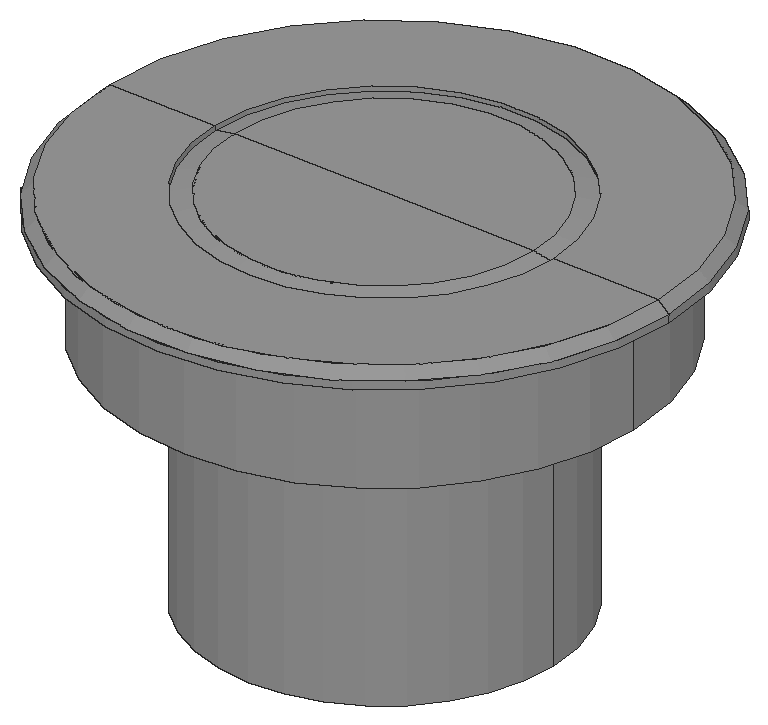
Revit family "4069948 Sylvania Lighting Fixture PATHE CEILING ROUND3 MEDIUM 253LM LED 4K", category Lighting Fixtures, host Face, Revit 2016
Family settings
  Host = Face
  Part Type = Normal
  Round Connector Dimension = Use Diameter
  OmniClass Number = 23.80.70.00
  OmniClass Title = Lighting
  Cut with Voids When Loaded = No
  Light Source = Yes
  Shared = No
  Room Calculation Point = No
Parameters (values of type "4069948 PATHE/C/R3 MED 253LM LED 4K")
  Weight = "1.0 kg"
  Wattage Comments = ""
  Wattage = 4.4 W
  WarrantyStartDate [instance] = "n/a"
  WarrantyGuarantorParts = "n/a"
  WarrantyDurationUnit = "n/a"
  WarrantyDurationParts = "n/a"
  WarrantyDescription = "n/a"
  built-in parameter 1150110 = 1 (stored number, unit not read)
  Voltage = 0 V
  URL = "http://www.sylvania-lighting.com"
  TypeName = "PATHE/CEILING/ROUND3 MEDIUM 253LM LED 4K"
  Type Image = <None>
  Type Comments = "n/a"
  built-in parameter 1114217 = 1 (stored number, unit not read)
  Tilt Angle = -90.00°
  built-in parameter 1150109 = 1 (stored number, unit not read)
  built-in parameter 1150134 = 12
  built-in parameter 1150113 = 1 (stored number, unit not read)
  SerialNumber [instance] = "n/a"
  Radius_SYL = 74 mm
  RadiusDiffuser_SYL = 44 mm
  Photometric Web File = "4069948.ies"
  Material_5_SYL = Steel AISI 1006 85 HR
  Material_3_SYL = Inside_Sylvania_Pathe_Black
  PowerFactor = 0
  PowerConsumption = "4.4 W"
  NominalLength = 148 mm
  NominalHeight = 110 mm
  NominalDepth = 0 mm
  Name = "PATHE/CEILING/ROUND3 MEDIUM 253LM LED 4K"
  ModelReference = Name  # "PATHE/CEILING/ROUND3 MEDIUM 253LM LED 4K"
  ModelNumber = "4069948"
  Model = Name  # "PATHE/CEILING/ROUND3 MEDIUM 253LM LED 4K"
  Material = "corrosion resistant die-cast aluminium body. aluminium fixing bracket. housing, tempered safety glass diffuser"
  ManufacturerName = "Feilo Sylvania"
  Manufacturer = "Feilo Sylvania"
  LuminousEfficacy = "57.5 lm/W"
  built-in parameter 1150105 = 20.133 (stored number, unit not read)
  Lumens = 253 lm
  LuminaireType = ""
  built-in parameter 1150115 = 1 (stored number, unit not read)
  LightOutputRatio = "100"
  built-in parameter 1150137 = (empty or 0)
  built-in parameter 1150139 = (empty or 0)
  LampsType = Lamp  # "LED"
  LampNominalLuminous = "253 lm"
  LampMacAdamStep = "n/a"
  LampColourTemperature = "4000 K"
  LampColourRenderingIndex = "80"
  built-in parameter 1150112 = 1 (stored number, unit not read)
  built-in parameter 1150114 = 1 (stored number, unit not read)
  Lamp = "LED"
  Keynote = "16500"
  InstallationDate [instance] = "n/a"
  InputVoltage = "n/a"
  InputNominalFrequency = "n/a"
  built-in parameter 1150132 = (empty or 0)
  built-in parameter 1150102 = (empty or 0)
  built-in parameter 1150107 = 4000 (stored number, unit not read)
  built-in parameter 1150138 = (empty or 0)
  IngressProtection = "IP66"
  ImpactProtectionIndex = "IK10"
  built-in parameter 1150106 = 0.20133 (stored number, unit not read)
  IfcExportType = "IfcLightFixtureType"
  IfcExportAs = "IfcLightFixtureType"
  HieghtTop_SYL = 3 mm
  ExpectedLife = 50000
  Emit from Circle Diameter = RadiusDiffuser_SYL * 2  # 88 mm
  Emit Shape Visible in Rendering = no
  ElectricShockClassification = "Class I"
  built-in parameter 1150104 = 5.3419 (stored number, unit not read)
  DurationUnit = "hours"
  DocumentationLiterature = "http://www.sylvania-lighting.com/product/en-int/products/4069948"
  DimmingControlOptions = "n/a"
  Material_2_SYL = LED-Sylvania
  Dimming Lamp Color Temperature Shift = <None>
  Description = "Round recessed ceiling mounted luminaireCorrosion resistant anodized aluminium, 253lm, 4,4W, 58lm/W, 4000K, CRI80+, medium, non dimmable, IP66, IK10, (ØxD) 135x92mm, 3 step MacAdam ellipse, 1.2kg, Class I, 220-240V, A++ A+ A"
  Default Elevation = 1219.2 mm
  CreatedOn = "9/21/2018"
  CreatedBy = "@sylvania-lighting.com"
  Cost = 0
  Color Filter = 16777215
  built-in parameter 1114216 [instance] = (empty or 0)
  ClassificationValue = "EF_70_80"
  ClassificationName = "Uniclass2015"
  Material_1_SYL = Aluminum 6061 T6 80 Hot Formed
  ChamferTop_SYL = 2.5 mm
  ChamferDiffuserTop_SYL = 5 mm
  ChamferDiffuserSide_SYL = 1 mm
  BarCode [instance] = "n/a"
  built-in parameter 1114218 = 1 (stored number, unit not read)
  built-in parameter 1150133 = 10 (stored number, unit not read)
  AssetType = "Fixed"
  AssetIdentifier [instance] = "n/a"
  Assembly Code = "D5020200"
  Apparent Load = 4.4 VA
  Material_4_SYL = Polycarbonate, Clear
Reference planes
  plane 1 "Center (Front/Back)": y = 0
  plane 2: z = 0
  plane 3 "Center (Left/Right)": x = 0
  plane 4: x = -74
  plane 5: x = -44
  plane 6: z = 3
  plane 7: x = -71.5
  plane 8: x = -39
  plane 9: z = 2
  plane 10: z = 0.5
  plane 11: x = -55.75
  plane 12: x = -25
  plane 13: z = -12
  plane 14: x = -27.5
  plane 15: z = -11
  plane 16: x = -24
  plane 17: z = -15
  plane 18: x = -69
  plane 19: z = -1.5
  plane 20: x = -67.5
  plane 21: z = -92
  plane 22: z = -29.5
  plane 23: x = -65
  plane 24: x = -45
Forms (mm)
  Revolve 1, solid, material "Aluminum 6061 T6 80 Hot Formed" <- "Material_1_SYL"
    sketch origin (0, 0, 0) x (1, 0, 0) y (0, 0, 1)
      loop
        line (-71.5, 3) -> (-74, 0.5) -> (-74, -1.5) -> (-65, -1.5) -> (-65, -29.5) -> (-44, -29.5) -> (-44, -92) -> (0, -92) -> (0, -12) -> (-25, -12) -> (-27.5, -15) -> (-55.75, -15) -> (-55.75, 0) -> (-44, 0) -> (-44, 3) -> (-71.5, 3)
      axis (0, 3) -> (0, -92)
    angle from 360 to 0
  Revolve 2, solid, material "Polycarbonate, Clear" <- "Material_4_SYL"
    sketch origin (0, 0, 0) x (1, 0, 0) y (0, 0, 1)
      loop
        line (-44, 2) -> (-44, 0) -> (0, 0) -> (0, 3) -> (-39, 3) -> (-44, 2)
      axis (0, 3) -> (0, 0)
    angle from 360 to 0
  Revolve 3, void
    sketch origin (0, 0, 0) x (1, 0, 0) y (0, 0, 1)
      loop
        line (0, -29.5) -> (0, 0) -> (-67.5, 0) -> (-67.5, -29.5) -> (0, -29.5)
      axis (0, 0) -> (0, -29.5)
    angle from 360 to 0
  Revolve 4, solid, material "LED-Sylvania" <- "Material_2_SYL"
    sketch origin (0, 0, 0) x (1, 0, 0) y (0, 0, 1)
      loop
        line (-25, -12) -> (0, -12) -> (0, -11) -> (-24, -11) -> (-25, -12)
      axis (0, -11) -> (0, -12)
    angle from 360 to 0
Cuts and joins
  Revolve 3 cuts Revolve 2
Lines and regions (mm)
  reference lines
    curve 1: line (0, 0, -12) -> (0, -11.75, -12)
Dimensions and locks
  "Radius_SYL": plane 3 "Center (Left/Right)" to plane 4
  "RadiusDiffuser_SYL": plane 3 "Center (Left/Right)" to plane 5
  "ChamferTop_SYL": plane 7 to plane 4
  "ChamferDiffuserSide_SYL": plane 6 to plane 9
  "ChamferDiffuserTop_SYL": plane 8 to plane 5
  "ChamferTop_SYL": plane 6 to plane 10
  "HieghtTop_SYL": plane 6 to plane 2
  locked: plane 11 to plane 4 at 18.25
  locked: plane 3 "Center (Left/Right)" to plane 12 at 25
  locked: plane 14 to plane 12 at 2.5
  locked: plane 12 to plane 16 at 1
  locked: plane 15 to plane 13 at 1
  locked: host face to plane 17 at 15
  locked: plane 13 to plane 17 at 3
  locked: plane 3 "Center (Left/Right)" to plane 18 at 69
  plane 2 to plane 19 = 1.5 mm
  locked: plane 3 "Center (Left/Right)" to plane 20 at 67.5
  locked: plane 2 to plane 21 at 92
  locked: plane 2 to plane 22 at 29.5
  locked: plane 3 "Center (Left/Right)" to plane 23 at 65
  locked: plane 3 "Center (Left/Right)" to plane 24 at 45
  aligned and locked: plane 2 to host face
  aligned and locked: level to host face
  aligned and locked: plane 6 to Revolve 1 sketch curve
  aligned and locked: Revolve 1 sketch curve to plane 3 "Center (Left/Right)"
  aligned and locked: level to Revolve 1 sketch curve
  aligned and locked: plane 5 to Revolve 1 sketch curve
  aligned and locked: plane 6 to Revolve 2 sketch curve
  aligned and locked: Revolve 2 sketch curve to plane 3 "Center (Left/Right)"  (x2)
  aligned and locked: Revolve 1 to Revolve 2 sketch curve
  aligned and locked: plane 8 to Revolve 2 sketch curve
  aligned and locked: plane 5 to Revolve 2 sketch curve
  aligned and locked: plane 9 to Revolve 2 sketch curve
  aligned and locked: imposter light to plane 6
  aligned and locked: imposter light to plane 1 "Center (Front/Back)"
  aligned and locked: plane 3 "Center (Left/Right)" to imposter light
  aligned and locked: plane 7 to Revolve 1 sketch curve
  aligned and locked: Revolve 3 sketch curve to plane 3 "Center (Left/Right)"  (x2)
  aligned and locked: Revolve 3 sketch curve to Revolve 1
  aligned and locked: Revolve 3 sketch curve to level
  aligned and locked: plane 11 to Revolve 1 sketch curve
  aligned and locked: Revolve 1 sketch curve to Revolve 1 sketch curve
  aligned and locked: plane 13 to Revolve 1 sketch curve
  aligned and locked: plane 14 to Revolve 1 sketch curve
  aligned and locked: plane 12 to Revolve 1 sketch curve
  aligned and locked: plane 3 "Center (Left/Right)" to curve 1
  aligned and locked: Revolve 1 to Revolve 4 sketch curve
  aligned and locked: plane 16 to Revolve 4 sketch curve
  aligned and locked: Revolve 4 sketch curve to Revolve 1
  aligned and locked: plane 15 to Revolve 4 sketch curve
  aligned and locked: Revolve 4 sketch curve to plane 3 "Center (Left/Right)"  (x2)
  aligned and locked: Revolve 1 sketch curve to plane 4
  aligned and locked: plane 19 to Revolve 1 sketch curve
  aligned and locked: plane 20 to Revolve 3 sketch curve
  aligned and locked: plane 22 to Revolve 1 sketch curve
  aligned and locked: Revolve 1 sketch curve to plane 5
  aligned and locked: plane 21 to Revolve 1 sketch curve
Automatic sketch dimensions
  host sketch curve to host sketch curve = 2438.4 mm  (x2)
  Revolve 2 sketch curve to Revolve 2 sketch curve = 2607.058 mm
  Revolve 4 sketch curve to plane 6 = 2606.858 mm
  plane 1 "Center (Front/Back)" to curve 1 = 0 mm
  curve 1 to curve 1 = 11.75 mm
  Revolve 3 sketch curve to plane 6 = 2607.058 mm
  plane 21 to Revolve 2 sketch curve = 517.6 mm
  plane 21 to Revolve 3 sketch curve = 517.6 mm
  plane 21 to Revolve 4 sketch curve = 517.6 mm
  Revolve 1 sketch curve to plane 23 = 0 mm
  Revolve 1 sketch curve to plane 17 = 0 mm
  Revolve 1 sketch curve to plane 10 = 0 mm
  plane 21 to Revolve 1 sketch curve = 517.6 mm
  Revolve 1 sketch curve to plane 6 = 2607.058 mm
Connectors
  electrical at (0, 0, 0), driven by "Apparent Load", driven by "PowerFactor", driven by "Voltage"
    settings: index 1, voltage 0 V, apparent load 4.4 VA, apparent load phase1 0 VA, apparent load phase2 0 VA, apparent load phase3 0 VA, power factor 0, load classification "Lighting", number of poles 1, system type 30, power factor state 1, is connector primary yes, connector utility no, sub classification motor no, connector description ""
